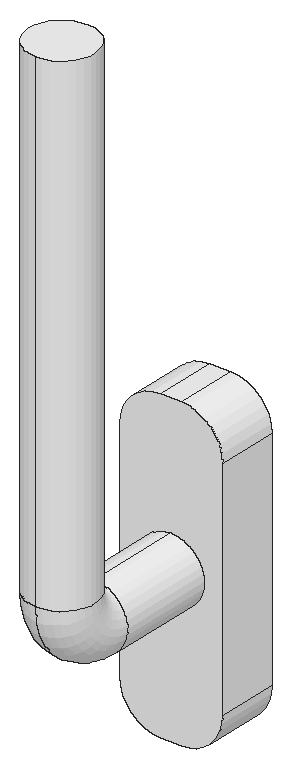
Revit family "АВЛН_Ручка", category Окна, Revit 2019
Family settings
  На основе рабочей плоскости = Да
  Всегда вертикально = Нет
  При загрузке вырезать с полостями = Нет
  Общий = Нет
  Точка расчета площади = Нет
Parameters
  Default Elevation = 1219.2 mm
  Материал дверной ручки [instance] = ПВХ белый
  Высота расположения дверной ручки [instance] = 1040 mm
  Аналитическая конструкция = "<Нет>"
  b = 25 mm
  a = 75 mm
Reference planes
  plane 1 "По центру (Вперед/Назад)": y = 0
  plane 2: z = 0
  plane 3 "По центру (Влево/Вправо)": x = 0
  plane 4: z = 1040
  plane 5: x = 12.5
  plane 6: x = -12.5
  plane 7: z = 1002.5
  plane 8: z = 1077.5
  plane 9: y = -15
Forms (mm)
  Extrusion 1, solid, material "ПВХ белый" <- "Материал дверной ручки"
    sketch origin (0, 0, 2080) x (-1, 0, 0) y (0, 0, -1)
      loop
        arc (-2.5, 1077.5) -> (-9.571, 1074.571) -> (-12.5, 1067.5) r 10
        line (-12.5, 1067.5) -> (-12.5, 1012.5)
        arc (-12.5, 1012.5) -> (-9.571, 1005.429) -> (-2.5, 1002.5) r 10
        line (-2.5, 1002.5) -> (2.5, 1002.5)
        arc (2.5, 1002.5) -> (9.571, 1005.429) -> (12.5, 1012.5) r 10
        line (12.5, 1012.5) -> (12.5, 1067.5)
        arc (12.5, 1067.5) -> (9.571, 1074.571) -> (2.5, 1077.5) r 10
        line (2.5, 1077.5) -> (-2.5, 1077.5)
    from 0 to 15
  Sweep 2, solid, material "ПВХ белый" <- "Материал дверной ручки"
    path origin (-1040, 0, 1040) x (0, 0, -1) y (0, 1, 0)
      loop
        line (0, -15) -> (0, -38.261)
        arc (0, -38.261) -> (-2.929, -45.332) -> (-10, -48.261) r 10
        line (-10, -48.261) -> (-130, -48.261)
    profile origin (-1040, -26.63, 1040) x (0, 0, -1) y (1, 0, 0)
      loop
        circle (0, 1040) r 8
Dimensions and locks
  "Высота расположения дверной ручки": plane 4 to level
  "a": plane 7 to plane 8
  "b": plane 6 to plane 5
  plane 6 to plane 5 = 25 mm
  locked: plane 1 "По центру (Вперед/Назад)" to plane 9 at 15
  plane 7 to plane 8 = 75 mm
  aligned and locked: level to plane 2
  aligned and locked: Extrusion 1 sketch curve to plane 7
  aligned and locked: plane 5 to Extrusion 1 sketch curve
  aligned and locked: plane 8 to Extrusion 1 sketch curve
  aligned and locked: Extrusion 1 sketch curve to plane 6
  aligned and locked: Extrusion 1 to plane 1 "По центру (Вперед/Назад)"
Automatic sketch dimensions
  plane 3 "По центру (Влево/Вправо)" to Extrusion 1 sketch curve = 2.5 mm  (x2)
  Extrusion 1 sketch curve to plane 3 "По центру (Влево/Вправо)" = 2.5 mm  (x2)
  Sweep 2 sketch curve to plane 9 = 0 mm
  plane 4 to Sweep 2 sketch curve = 10 mm
  plane 9 to Sweep 2 sketch curve = 23.261 mm
  Sweep 2 sketch curve to Sweep 2 sketch curve = 120 mm
  Sweep 2 sketch curve to profile plane = 0 mm
  profile plane to Sweep 2 sketch curve = 1040 mm
  Sweep 2 sketch curve to plane 4 = 0 mm
  radius of Sweep 2 sketch curve = 8 mm
